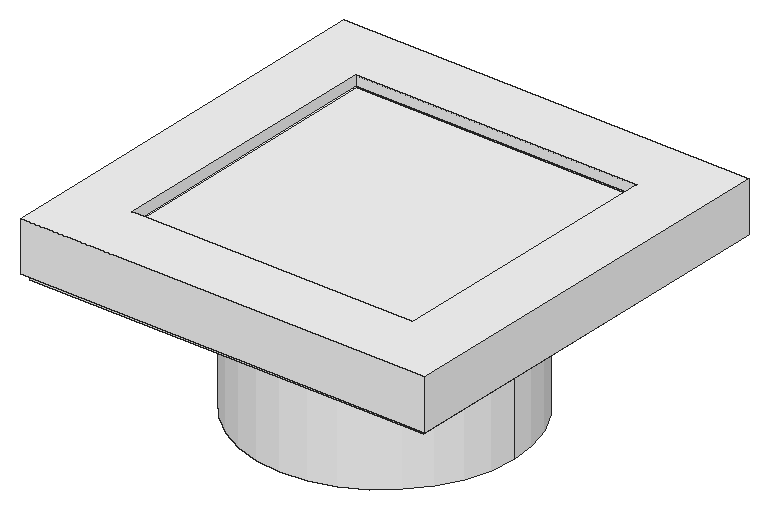
Revit family "Gira_110426", category Electrical Fixtures, host Face, Revit 2017
Family settings
  Host = Face
  Maintain Annotation Orientation = Yes
  Round Connector Dimension = Use Diameter
  Part Type = Normal
  Cut with Voids When Loaded = No
  Shared = No
  Room Calculation Point = No
Parameters (values of type "Rocker sw. hotel room status displ. System 55 c.alum.")
  With mounting plate = "No"
  Wiring system = "Series switch"
  White [instance] = White
  Washing machine switch = "No"
  URL = "http://katalog.gira.de/en/datenblatt.html?artikelnr=110426"
  Type of fastening = "Mounting with claw and screw"
  Surface protection = "Other"
  Suitable for degree of protection (IP) = "IP20"
  Rated current = "10"
  Push button switch = "No"
  Number of rockers = "2"
  Number of modules (module system) = "1"
  Nominal voltage = "250"
  Name = "Rocker sw. hotel room status displ. System 55 c.alum."
  Mounting method = "Flush mounted (plaster)"
  Model = "Sys55_Komplettgerät_Schalten und Tasten"
  Method of operation = "Rocker/button"
  Material quality = "Thermoplastic"
  Material = "Plastic"
  Manufacturer URL = "https://www.gira.de/"
  Manufacturer = "Gira"
  Label space/information surface = "No"
  Illumination = "No"
  HeinzeBIM = "https://bimportal.heinze.de/bim/rocker-sw-hotel-room-status-displ-system-55-c-alum-/031d2e370d3b0ad955bbf0d3ab9c34a8b9dba8f2"
  Halogen free = "Yes"
  HAN = "110426"
  GTIN = "4010337104261"
  Feedback-signal contact = "No"
  Description = "Rock.sw.h-room stat.displ. Sys55 CAl,Rocker switch, 10 AX 250 V~ with rocker, 2-gang for displaying hotel room status,,colour aluminium,Features:,- Switch for hotel room status display Do not disturb\" and \"Make up room\".,- With block to prevent both sides from being switched on.,- Locked both electrically and mechanically.\""
  Default Elevation = 1219.2 mm
  Data sheet (1) = "https://katalog.gira.de/en/download.html?artikelnr=110426"
  Connection type = "Plug clamp"
  Colour = "Aluminium"
  Category = "Switch"
  BIM (1) = "https://media.stage.bim.site/public/gira/36a6b08/Sys55_Komplettgerät_Schalten und Tasten.rfa?public/gira/36a6b08/Sys55_Komplettgerät_Schalten und Tasten.rfa"
  Available = "No"
  Assembly arrangement = "Basic element with central cover plate"
Reference planes
  plane 1 "Center (Front/Back)": y = 0
  plane 2: z = 0
  plane 3 "Center (Left/Right)": x = 0
Forms (mm)
  Extrusion 1, solid, material "White" <- "White", detail levels medium
    sketch origin (0, 0, 0) x (1, 0, 0) y (0, 1, 0)
      loop
        line (-40.4, 40.4) -> (-40.4, -40.4) -> (40.4, -40.4) -> (40.4, 40.4) -> (-40.4, 40.4)
      loop
        line (-28, 28) -> (-28, -28) -> (28, -28) -> (28, 28) -> (-28, 28)
    from 0 to 10
  Extrusion 2, solid, material "White" <- "White", detail levels fine
    sketch origin (0, 0, 0) x (1, 0, 0) y (0, 1, 0)
      loop
        line (-40.4, 40.4) -> (-40.4, -40.4) -> (40.4, -40.4) -> (40.4, 40.4) -> (-40.4, 40.4)
      loop
        line (-28, 28) -> (-28, -28) -> (28, -28) -> (28, 28) -> (-28, 28)
    from 0 to 10
  Extrusion 3, void
    sketch origin (0, 0, 0) x (1, 0, 0) y (0, 1, 0)
      loop
        line (-38.4, 38.4) -> (-38.4, -38.4) -> (38.4, -38.4) -> (38.4, 38.4) -> (-38.4, 38.4)
    from 0 to 8
  Extrusion 4, solid, material "White" <- "White", detail levels medium+fine
    sketch origin (0, 0, 0) x (1, 0, 0) y (0, 1, 0)
      loop
        line (-39.4, 39.4) -> (-39.4, -39.4) -> (39.4, -39.4) -> (39.4, 39.4) -> (-39.4, 39.4)
    from 0 to -1
  Extrusion 5, solid, material "White" <- "White", detail levels medium+fine
    sketch origin (0, 0, 0) x (1, 0, 0) y (0, 1, 0)
      loop
        line (-35.5, 35.5) -> (-35.5, -35.5) -> (35.5, -35.5) -> (35.5, 35.5) -> (-35.5, 35.5)
    from -2 to -3
  Extrusion 6, solid, material "White" <- "White", detail levels medium+fine
    sketch origin (0, 0, 0) x (1, 0, 0) y (0, 1, 0)
      loop
        circle (0, 0) r 26
    from 0 to -27.5
  Extrusion 7, solid, material "White" <- "White", detail levels coarse
    sketch origin (0, 0, 0) x (1, 0, 0) y (0, 1, 0)
      loop
        line (-40.4, 40.4) -> (-40.4, -40.4) -> (40.4, -40.4) -> (40.4, 40.4) -> (-40.4, 40.4)
    from -27.5 to 10
Cuts and joins
  Extrusion 3 cuts Extrusion 2
Dimensions and locks
  aligned and locked: plane 2 to host face
  aligned and locked: level to host face
  aligned and locked: plane 3 "Center (Left/Right)" to nested 2
  aligned and locked: plane 1 "Center (Front/Back)" to nested 2
Nested families
  nested 1: "Sys55_Abdeckung_Schalten und Tasten_floor_base" at (0, 0, 0), type "Sys55_Abdeckung_Schalten und Tasten_floor_base"
  nested 2: "Schalter" at (0, 0, 0), type "Schalter"
Connectors
  electrical at (0, 0, -27.5)
    settings: on Extrusion 6, index 1, voltage 220 V, apparent load 0 VA, apparent load phase1 0 VA, apparent load phase2 0 VA, apparent load phase3 0 VA, power factor 1, load classification "Other", number of poles 1, system type 30, power factor state 1, is connector primary yes, connector utility no, sub classification motor no, connector description ""
Definition of nested family "Sys55_Abdeckung_Schalten und Tasten_floor_base"
  Parameters
    Default Elevation = 1219.2 mm
    White [instance] = none
  Reference planes
    plane 1 "Center (Front/Back)": y = 0
    plane 2: z = 0
    plane 3 "Center (Left/Right)": x = 0
  Forms (mm)
    Extrusion 1, solid
      sketch origin (0, 0, 0) x (1, 0, 0) y (0, 1, 0)
        loop
          line (-1219.2, 1219.2) -> (-1219.2, -1219.2) -> (1219.2, -1219.2) -> (1219.2, 1219.2) -> (-1219.2, 1219.2)
      from 0 to -304.8
    Extrusion 2, solid, material <- "White", detail levels fine
      sketch origin (0, 0, 0) x (1, 0, 0) y (0, 1, 0)
        loop
          line (-27.5, 27.5) -> (-27.5, -27.5) -> (27.5, -27.5) -> (27.5, 27.5) -> (-27.5, 27.5)
      from 0 to 8
    Extrusion 3, void
      sketch origin (0, 0, 0) x (1, 0, 0) y (0, 1, 0)
        loop
          line (26, 26) -> (-26, 26) -> (-26, -26) -> (26, -26) -> (26, 26)
      from 0 to 6
    Extrusion 4, solid, material <- "White", detail levels medium
      sketch origin (0, 0, 0) x (1, 0, 0) y (0, 1, 0)
        loop
          line (-27.5, 27.5) -> (-27.5, -27.5) -> (27.5, -27.5) -> (27.5, 27.5) -> (-27.5, 27.5)
      from 0 to 8
    Extrusion 5, solid, material <- "White", detail levels medium
      sketch origin (0, 0, 0) x (1, 0, 0) y (0, 1, 0)
        loop
          line (11, -17.5) -> (11, 17.5) -> (-11, 17.5) -> (-11, -17.5) -> (11, -17.5)
      from -6 to 6
    Extrusion 6, solid, material <- "White", detail levels fine
      sketch origin (0, 0, 0) x (1, 0, 0) y (0, 1, 0)
        loop
          line (11, 17.5) -> (-11, 17.5) -> (-11, 16.5) -> (11, 16.5) -> (11, 17.5)
        loop
          line (-11, -16.5) -> (-11, -17.5) -> (11, -17.5) -> (11, -16.5) -> (-11, -16.5)
      from -4 to 6
    Extrusion 7, solid, material <- "White", detail levels fine
      sketch origin (0, 0, 0) x (1, 0, 0) y (0, 1, 0)
        loop
          arc (5, 9.347) -> (0, 10.6) -> (-5, 9.347) r 10.6
          line (-5, 9.347) -> (-5, -9.347)
          arc (-5, -9.347) -> (0, -10.6) -> (5, -9.347) r 10.6
          line (5, -9.347) -> (5, 9.347)
      from -6 to 6
    Extrusion 8, solid, material <- "White", detail levels coarse
      sketch origin (0, 0, 0) x (1, 0, 0) y (0, 1, 0)
        loop
          line (-27.5, 27.5) -> (-27.5, -27.5) -> (27.5, -27.5) -> (27.5, 27.5) -> (-27.5, 27.5)
      from -6 to 8
  Cuts and joins
    Extrusion 3 cuts Extrusion 2
  Dimensions and locks
    aligned and locked: plane 2 to Extrusion 1
    aligned and locked: level to Extrusion 1
Definition of nested family "Schalter"
  Reference planes
    plane 1: y = 0
    plane 2: x = 0
  Lines and regions (mm)
    detail lines
      curve 1: circle (1.375, 2.778, 0) r 0.8 normal (0, 0, 1)
      curve 2: line (1.021, 2.061, 0) -> (0, 0, 0)
      curve 3: line (0, 0, 0) -> (-0.538, 0.266, 0)
  Dimensions and locks
    curve 2 to curve 2 = 2.3 mm
    curve 3 to curve 2 = 0.6 mm
    radius of curve 1 = 0.8 mm
